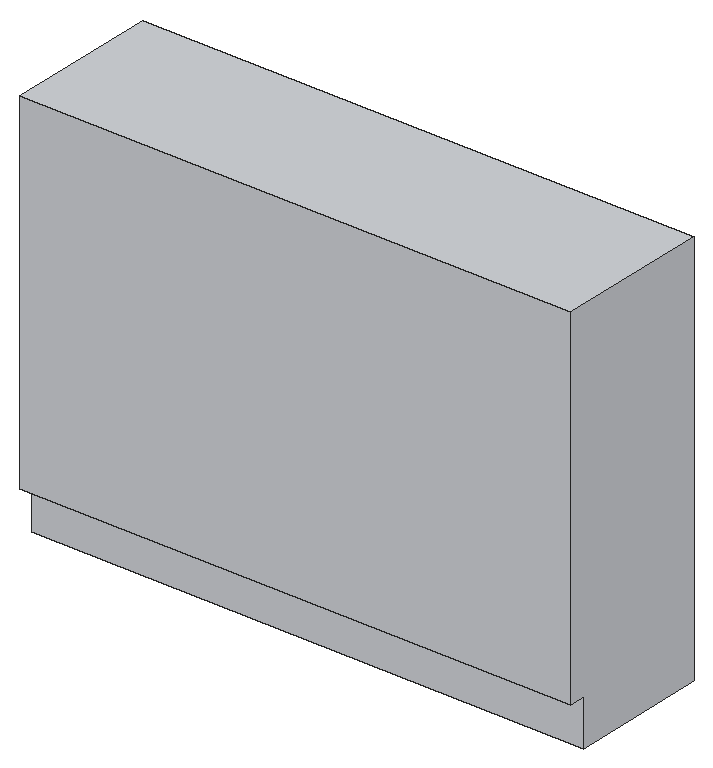
Revit family "85fe1e65993e486399a51f2faa91ce36", category Mechanical Equipment, Revit 2021
Family settings
  Round Connector Dimension = Use Diameter
  Part Type = Normal
  OmniClass Number = 23.75.70.17.34
  OmniClass Title = Unit Heaters
  Seek Item ID = Unit Heater - Cabinet-0000-USA-ENU
  Work Plane-Based = No
  Always vertical = Yes
  Cut with Voids When Loaded = No
  Shared = No
  Room Calculation Point = No
Parameters (values of type "3-6 kW")
  Voltage = 208 V
  Number of Poles = 3
  Load Classification = Heating
  Heater Material = none
  Heater Length = 3' - 0"
  Default Elevation = 0' - 0"
  Arrow [instance] = yes
  Apparent Load [instance] = 6000 VA
Types (5): name | Heater Length | Apparent Load
  (no name) | 3' - 0" | 6000 VA
  3-6 kW | 3' - 0" | 6000 VA
  6-10 kW | 4' - 0" | 10000 VA
  9-18 kW | 5' - 5" | 18000 VA
  12-24 kW | 6' - 8" | 24000 VA
Reference planes (in)
  plane 1 "Center (Front/Back)": y = 0
  plane 2: z = 0
  plane 3 "Center (Left/Right)": x = 0
  plane 4: x = 36
  plane 5: x = 18
  plane 6: y = -12
  plane 7: y = -16
  plane 8: y = -18
  plane 9: y = -16.5
  plane 10: y = -17.5
  plane 11: y = -22
  plane 12: y = -27
  plane 13: x = 17
  plane 14: x = 19
  plane 15: x = 16.5
  plane 16: x = 19.5
  plane 17: z = 24
  plane 18: z = 5
  plane 19: z = 20.99934
  plane 20: x = 2
  plane 21: x = 34
  plane 22: z = 3
  plane 23: y = -1
  plane 24: z = 14.5
Forms (in)
  Extrusion 1, solid, material <- "Heater Material"
    sketch origin (0, 0, 0) x (0, 1, 0) y (0, 0, 1)
      loop
        line (0, 0) -> (0, 26) -> (-10, 26) -> (-10, 3) -> (-9, 3) -> (-9, 0) -> (0, 0)
    from 0 to 36
Lines and regions (in)
  symbolic lines, visible <- "Arrow", detail levels coarse+medium
    curve 1: line (18, -12, 0) -> (18, -16, 0)
    curve 2: line (18, -16, 0) -> (19.5, -16.5, 0)
    curve 3: line (19.5, -16.5, 0) -> (16.5, -17.5, 0)
    curve 4: line (16.5, -17.5, 0) -> (18, -18, 0)
    curve 5: line (18, -18, 0) -> (18, -22, 0)
    curve 6: line (17, -22, 0) -> (19, -22, 0)
    curve 7: line (19, -22, 0) -> (18, -27, 0)
    curve 8: line (18, -27, 0) -> (17, -22, 0)
  symbolic lines
    curve 9: line (0, 0, 0) -> (36, 0, 0)
    curve 10: line (0, -10, 0) -> (0, 0, 0)
    curve 11: line (36, -10, 0) -> (0, -10, 0)
    curve 12: line (36, 0, 0) -> (36, -10, 0)
  model lines, detail levels fine
    curve 13: line (2, -10, 24) -> (34, -10, 24)
    curve 14: line (2, -10, 24) -> (2, -10, 21)
    curve 15: line (2, -10, 23.5) -> (34, -10, 23.5)
    curve 16: line (2, -10, 23) -> (34, -10, 23)
    curve 17: line (2, -10, 22.5) -> (34, -10, 22.5)
    curve 18: line (2, -10, 22) -> (34, -10, 22)
    curve 19: line (2, -10, 21.5) -> (34, -10, 21.5)
    curve 20: line (2, -10, 21) -> (34, -10, 21)
    curve 21: line (34, -10, 24) -> (34, -10, 21)
    curve 22: line (2, -10, 5) -> (34, -10, 5)
    curve 23: line (2, -10, 5) -> (2, -10, 8)
    curve 24: line (2, -10, 5.5) -> (34, -10, 5.5)
    curve 25: line (2, -10, 6) -> (34, -10, 6)
    curve 26: line (2, -10, 6.5) -> (34, -10, 6.5)
    curve 27: line (2, -10, 7) -> (34, -10, 7)
    curve 28: line (2, -10, 7.5) -> (34, -10, 7.5)
    curve 29: line (2, -10, 8) -> (34, -10, 8)
    curve 30: line (34, -10, 5) -> (34, -10, 8)
Dimensions and locks (in)
  "Heater Length": plane 3 "Center (Left/Right)" to plane 4
  equal spacing: plane 3 "Center (Left/Right)", plane 5, plane 4
  equal spacing: plane 13, plane 5, plane 14
  equal spacing: plane 15, plane 5, plane 16
  locked: plane 13 to plane 14 at 2
  locked: plane 15 to plane 16 at 3
  locked: plane 18 to Extrusion 1 at 2
  locked: Extrusion 1 to plane 17 at 2
  locked: plane 20 to plane 3 "Center (Left/Right)" at 2
  locked: plane 21 to plane 4 at 2
  equal spacing: plane 17, plane 24, plane 18
  aligned and locked: plane 4 to Extrusion 1
  aligned and locked: curve 1 to plane 5
  aligned and locked: curve 5 to plane 5
  aligned and locked: plane 16 to curve 3
  aligned and locked: plane 15 to curve 4
  aligned and locked: plane 6 to curve 1
  aligned and locked: Extrusion 1 to curve 9
  aligned and locked: curve 9 to Extrusion 1
  aligned and locked: Extrusion 1 to curve 12
  aligned and locked: curve 12 to Extrusion 1
  aligned and locked: plane 12 to curve 8
  aligned and locked: curve 14 to plane 20
  aligned and locked: plane 21 to curve 17
  aligned and locked: plane 21 to curve 18
  aligned and locked: plane 20 to curve 23
  aligned and locked: curve 30 to plane 21
  aligned and locked: plane 21 to curve 30
Automatic sketch dimensions
  curve 6 to plane 11 = 0' - 0"
  curve 6 to plane 13 = 0' - 0"
  curve 7 to plane 5 = 0' - 0"
  curve 6 to plane 14 = 0' - 0"
  curve 4 to plane 8 = 0' - 0"
  curve 4 to plane 10 = 0' - 0"
  curve 2 to plane 9 = 0' - 0"
  curve 1 to plane 7 = 0' - 0"
  Extrusion 1 sketch curve to plane 22 = 0' - 0"
  Extrusion 1 sketch curve to level = 0' - 0"
  Extrusion 1 sketch curve to plane 1 "Center (Front/Back)" = 0' - 0"
  plane 6 to Extrusion 1 sketch curve = 0' - 3"
  plane 6 to Extrusion 1 sketch curve = 0' - 2"
  plane 17 to Extrusion 1 sketch curve = 0' - 2"
  curve 22 to plane 18 = 0' - 0"
  curve 13 to plane 17 = 0' - 0"
  curve 15 to plane 17 = 0' - 0 1/2"
  curve 15 to curve 16 = 0' - 0 1/2"
  curve 16 to curve 17 = 0' - 0 1/2"
  curve 17 to curve 18 = 0' - 0 1/2"
  curve 18 to curve 19 = 0' - 0 1/2"
  plane 19 to curve 20 = 0' - 0.00066"
  plane 18 to curve 30 = 0' - 3"
  curve 23 to curve 28 = 0' - 0 1/2"
  curve 28 to curve 27 = 0' - 0 1/2"
  curve 27 to curve 26 = 0' - 0 1/2"
  curve 26 to curve 25 = 0' - 0 1/2"
  plane 18 to curve 24 = 0' - 0 1/2"
Connectors (in)
  electrical at (0, -1, 4.99934), driven by "Voltage", driven by "Number of Poles", driven by "Apparent Load", driven by "Load Classification"
    settings: on Extrusion 1, index 2, voltage 208 V, apparent load 6000 VA, apparent load phase1 0 VA, apparent load phase2 0 VA, apparent load phase3 0 VA, power factor 0.8, load classification "Heating", number of poles 3, system type 30, power factor state 1, is connector primary yes, connector utility no, sub classification motor no, connector description ""
